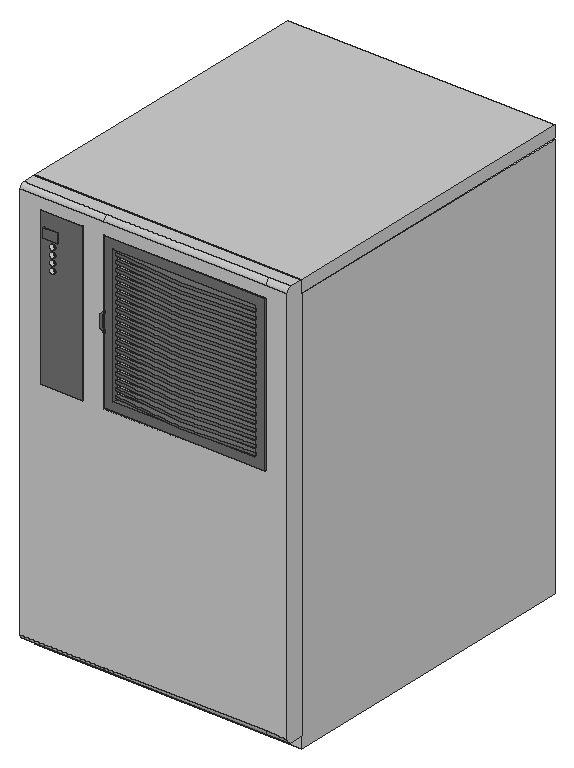
Revit family "QF_HOSHIZAKI_IM-240ANE", category Specialty Equipment, Revit 2016
Family settings
  Part Type = Normal
  Round Connector Dimension = Use Diameter
  OmniClass Number = 23.40.40.14
  OmniClass Title = Food Service Equipment
  Work Plane-Based = No
  Always vertical = Yes
  Cut with Voids When Loaded = No
  Shared = No
  Room Calculation Point = No
Parameters (values of type "IM-240ANE_240V/1Ph/60Hz")
  Weight = 80.00 kg
  Waste Remarks [instance] = ""
  Volts = 240 V
  URL Cutsheet = ""
  URL = "www.hoshizaki-europe.com"
  Status [instance] = ""
  Specification by User [instance] = ""
  Specification by Manufacturer [instance] = ""
  Serial Number = ""
  Seismic Rating = ""
  SMACNA No = ""
  Revision Code [instance] = ""
  Phase = 1
  Number of Poles = 2
  NAFEM Spec ID Number = ""
  Model = "IM-240ANE"
  Min Ckt Ampacity = 0 A
  Max Overcurrent Protection = 0 A
  Masterspec = ""
  Manufacturer = "HOSHIZAKI"
  Length Actual = 560 mm
  Item Number [instance] = ""
  Installed By [instance] = ""
  Indirect Waste Size = 19.05 mm
  Indirect Waste Connection Type [instance] = ""
  Indirect Waste Connection Height [instance] = 40 mm
  Identify Quantity as Lot [instance] = no
  Height Actual = 880 mm
  HP power = ""
  Furnished By [instance] = ""
  Foodservice Equipment Identifier [instance] = yes
  FL Amps = 20 A
  Electric power = 1320 W
  Electric Connection Type [instance] = ""
  Elec Conn RI Height [instance] = 0 mm
  Elec Conn Connection Height [instance] = 770 mm
  Direct Waste RI Height [instance] = 0 mm
  Description = "MODULAR IM ICE MAKER, 240KG PER 24 HOURS, LARGE CUBE"
  Depth Actual = 700 mm
  Cycle = 60 Hz
  Cost = 0
  Conn Plug = ""
  Conn Conduit = no
  Cold Water Temperature Recommended = 0 °C
  Cold Water Size = 19.05 mm
  Cold Water Flow = 0.0 L/s
  Cold Water Connection Height [instance] = 415 mm
  CSI MasterFormat = ""
  Assembly Code = "E1090320"
  Apparent Power = 1320 VA
  Accessory = no
Types (2, lengths in mm): name | Volts | Cycle
  IM-240ANE_240V/1Ph/60Hz | 240 V | 60 Hz
  IM-240ANE_230V/1Ph/50Hz | 230 V | 50 Hz
Reference planes
  plane 1 "Center (Front/Back)": y = 0
  plane 2: z = 0
  plane 3 "Center (Left/Right)": x = 0
Forms (mm)
  Extrusion 1, solid, not visible
    sketch origin (48, -2, 414) x (1, 0, 0) y (0, 1, 0)
      loop
        line (0, 0) -> (2, 0) -> (2, 2) -> (0, 2) -> (0, 0)
    from 0 to 2
  Extrusion 2, solid, not visible
    sketch origin (71, -2, 39) x (1, 0, 0) y (0, 1, 0)
      loop
        line (0, 0) -> (2, 0) -> (2, 2) -> (0, 2) -> (0, 0)
    from 0 to 2
  Extrusion 3, solid, not visible
    sketch origin (31, -17, 769) x (1, 0, 0) y (0, 1, 0)
      loop
        line (0, 0) -> (2, 0) -> (2, 2) -> (0, 2) -> (0, 0)
    from 0 to 2
  Extrusion 4, solid, not visible
    sketch origin (48, -2, 414) x (1, 0, 0) y (0, 1, 0)
      loop
        line (0, 0) -> (2, 0) -> (2, 2) -> (0, 2) -> (0, 0)
    from 0 to 2
  Extrusion 5, solid, not visible
    sketch origin (71, -2, 39) x (1, 0, 0) y (0, 1, 0)
      loop
        line (0, 0) -> (2, 0) -> (2, 2) -> (0, 2) -> (0, 0)
    from 0 to 2
  Extrusion 6, solid, not visible
    sketch origin (31, -17, 769) x (1, 0, 0) y (0, 1, 0)
      loop
        line (0, 0) -> (2, 0) -> (2, 2) -> (0, 2) -> (0, 0)
    from 0 to 2
  Extrusion 7, solid, not visible
    sketch origin (48, -2, 414) x (1, 0, 0) y (0, 1, 0)
      loop
        line (0, 0) -> (2, 0) -> (2, 2) -> (0, 2) -> (0, 0)
    from 0 to 2
  Extrusion 8, solid, not visible
    sketch origin (71, -2, 39) x (1, 0, 0) y (0, 1, 0)
      loop
        line (0, 0) -> (2, 0) -> (2, 2) -> (0, 2) -> (0, 0)
    from 0 to 2
  Extrusion 9, solid, not visible
    sketch origin (31, -17, 769) x (1, 0, 0) y (0, 1, 0)
      loop
        line (0, 0) -> (2, 0) -> (2, 2) -> (0, 2) -> (0, 0)
    from 0 to 2
  Extrusion 10, solid, not visible
    sketch origin (48, -2, 414) x (1, 0, 0) y (0, 1, 0)
      loop
        line (0, 0) -> (2, 0) -> (2, 2) -> (0, 2) -> (0, 0)
    from 0 to 2
  Extrusion 11, solid, not visible
    sketch origin (71, -2, 39) x (1, 0, 0) y (0, 1, 0)
      loop
        line (0, 0) -> (2, 0) -> (2, 2) -> (0, 2) -> (0, 0)
    from 0 to 2
  Extrusion 12, solid, not visible
    sketch origin (31, -17, 769) x (1, 0, 0) y (0, 1, 0)
      loop
        line (0, 0) -> (2, 0) -> (2, 2) -> (0, 2) -> (0, 0)
    from 0 to 2
Dimensions and locks
  aligned and locked: level to plane 2
Nested families
  nested 1: "QF_HOSHIZAKI_IM-240ANE_240V_1Ph_60Hz" at (0, 0, 0), type "IM-240ANE_240V/1Ph/60Hz"
    with Waste Water Discharge Temperature 0 °C, Status "", Specification by User "", Show Clearance yes, Revision Code "", Plumbing Remarks "", Plumbing Connection Type "", Number of Poles 1, Item Number "", Installed By "", Indirect Waste Connection Type "", Indirect Waste Connection Height 40 mm, Identify Quantity as Lot no, Furnished By "", Foodservice Equipment Identifier yes, Electrical Remarks "", Electric Connection Type "", Elec Conn RI Height 0 mm, Elec Conn Connection Height 770 mm, Conn Conduit no, Cold Water RI Height 415 mm, Cold Water Flow 0.0 L/s, Cold Water Consumption "", Cold Water Connection Height 415 mm
Connectors
  piping at (49, 0, 415), diameter 19.05, driven by "Cold Water Size", driven by "Cold Water Flow"
    settings: on Extrusion 1, index 1, connector inside diameter 609.6 mm, connector length 0 mm, flow factor 0, pipe flow 0.0 L/s, pressure drop 0.0 Pa, fitting loss kfactor 0, connector angle 0.00°, fixture units 0, engagement length 0 mm, angle of deflection 0.00°, flow configuration 1, flow direction 1, fitting loss method 0, system type 20, joint type 0, gender type 0, connector reference index -1, connector utility 0, adjustable connector no, is connector primary yes, connector description "Cold Water connection for 'IM-240ANE'"
  piping at (72, 0, 40), diameter 19.05, driven by "Indirect Waste Size"
    settings: on Extrusion 2, index 2, connector inside diameter 609.6 mm, connector length 0 mm, flow factor 0, pipe flow 0.0 L/s, pressure drop 0.0 Pa, fitting loss kfactor 0, connector angle 0.00°, fixture units 0, engagement length 0 mm, angle of deflection 0.00°, flow configuration 1, flow direction 2, fitting loss method 0, system type 16, joint type 0, gender type 0, connector reference index -1, connector utility 0, adjustable connector no, is connector primary no, connector description "Drain connection for 'IM-240ANE'"
  electrical at (32, -15, 770), driven by "Apparent Power", driven by "Number of Poles", driven by "Volts"
    settings: on Extrusion 3, index 3, voltage 240 V, apparent load 0 VA, apparent load phase1 1320 VA, apparent load phase2 0 VA, apparent load phase3 0 VA, power factor 1, load classification "Other", number of poles 2, system type 31, power factor state 1, is connector primary yes, connector utility no, sub classification motor no, connector description "Electric connection for 'IM-240ANE'"
  piping at (49, 0, 415), diameter 19.05, driven by "Cold Water Size", driven by "Cold Water Flow"
    settings: on Extrusion 4, index 4, connector inside diameter 609.6 mm, connector length 0 mm, flow factor 0, pipe flow 0.0 L/s, pressure drop 0.0 Pa, fitting loss kfactor 0, connector angle 0.00°, fixture units 0, engagement length 0 mm, angle of deflection 0.00°, flow configuration 1, flow direction 1, fitting loss method 0, system type 20, joint type 0, gender type 0, connector reference index -1, connector utility 0, adjustable connector no, is connector primary no, connector description "Cold Water connection for 'IM-240ANE'"
  piping at (72, 0, 40), diameter 19.05, driven by "Indirect Waste Size"
    settings: on Extrusion 5, index 5, connector inside diameter 609.6 mm, connector length 0 mm, flow factor 0, pipe flow 0.0 L/s, pressure drop 0.0 Pa, fitting loss kfactor 0, connector angle 0.00°, fixture units 0, engagement length 0 mm, angle of deflection 0.00°, flow configuration 1, flow direction 2, fitting loss method 0, system type 16, joint type 0, gender type 0, connector reference index -1, connector utility 0, adjustable connector no, is connector primary no, connector description "Drain connection for 'IM-240ANE'"
  electrical at (32, -15, 770), driven by "Apparent Power", driven by "Number of Poles", driven by "Volts"
    settings: on Extrusion 6, index 6, voltage 240 V, apparent load 0 VA, apparent load phase1 1320 VA, apparent load phase2 0 VA, apparent load phase3 0 VA, power factor 1, load classification "Other", number of poles 2, system type 31, power factor state 1, is connector primary no, connector utility no, sub classification motor no, connector description "Electric connection for 'IM-240ANE'"
  piping at (49, 0, 415), diameter 19.05, driven by "Cold Water Size", driven by "Cold Water Flow"
    settings: on Extrusion 7, index 7, connector inside diameter 609.6 mm, connector length 0 mm, flow factor 0, pipe flow 0.0 L/s, pressure drop 0.0 Pa, fitting loss kfactor 0, connector angle 0.00°, fixture units 0, engagement length 0 mm, angle of deflection 0.00°, flow configuration 1, flow direction 1, fitting loss method 0, system type 20, joint type 0, gender type 0, connector reference index -1, connector utility 0, adjustable connector no, is connector primary no, connector description "Cold Water connection for 'IM-240ANE'"
  piping at (72, 0, 40), diameter 19.05, driven by "Indirect Waste Size"
    settings: on Extrusion 8, index 8, connector inside diameter 609.6 mm, connector length 0 mm, flow factor 0, pipe flow 0.0 L/s, pressure drop 0.0 Pa, fitting loss kfactor 0, connector angle 0.00°, fixture units 0, engagement length 0 mm, angle of deflection 0.00°, flow configuration 1, flow direction 2, fitting loss method 0, system type 16, joint type 0, gender type 0, connector reference index -1, connector utility 0, adjustable connector no, is connector primary no, connector description "Drain connection for 'IM-240ANE'"
  electrical at (32, -15, 770), driven by "Apparent Power", driven by "Number of Poles", driven by "Volts"
    settings: on Extrusion 9, index 9, voltage 240 V, apparent load 0 VA, apparent load phase1 1320 VA, apparent load phase2 0 VA, apparent load phase3 0 VA, power factor 1, load classification "Other", number of poles 2, system type 31, power factor state 1, is connector primary no, connector utility no, sub classification motor no, connector description "Electric connection for 'IM-240ANE'"
  piping at (49, 0, 415), diameter 19.05, driven by "Cold Water Size", driven by "Cold Water Flow"
    settings: on Extrusion 10, index 10, connector inside diameter 609.6 mm, connector length 0 mm, flow factor 0, pipe flow 0.0 L/s, pressure drop 0.0 Pa, fitting loss kfactor 0, connector angle 0.00°, fixture units 0, engagement length 0 mm, angle of deflection 0.00°, flow configuration 1, flow direction 1, fitting loss method 0, system type 20, joint type 0, gender type 0, connector reference index -1, connector utility 0, adjustable connector no, is connector primary no, connector description "Cold Water connection for 'IM-240ANE'"
  piping at (72, 0, 40), diameter 19.05, driven by "Indirect Waste Size"
    settings: on Extrusion 11, index 11, connector inside diameter 609.6 mm, connector length 0 mm, flow factor 0, pipe flow 0.0 L/s, pressure drop 0.0 Pa, fitting loss kfactor 0, connector angle 0.00°, fixture units 0, engagement length 0 mm, angle of deflection 0.00°, flow configuration 1, flow direction 2, fitting loss method 0, system type 16, joint type 0, gender type 0, connector reference index -1, connector utility 0, adjustable connector no, is connector primary no, connector description "Drain connection for 'IM-240ANE'"
  electrical at (32, -15, 770), driven by "Apparent Power", driven by "Number of Poles", driven by "Volts"
    settings: on Extrusion 12, index 12, voltage 240 V, apparent load 0 VA, apparent load phase1 1320 VA, apparent load phase2 0 VA, apparent load phase3 0 VA, power factor 1, load classification "Other", number of poles 2, system type 31, power factor state 1, is connector primary no, connector utility no, sub classification motor no, connector description "Electric connection for 'IM-240ANE'"
Definition of nested family "QF_HOSHIZAKI_IM-240ANE_240V_1Ph_60Hz"
  Parameters (values of type "IM-240ANE_240V/1Ph/60Hz")
    Weight in Pounds = 176.3696
    Electric power = 1320 W
    Waste Water Discharge Temperature [instance] = 0 °C
    Volts = 230 V
    URL Cutsheet = "www.hoshizaki-europe.com"
    URL = "www.hoshizaki-europe.com"
    Status [instance] = ""
    Specification by User [instance] = ""
    Specification by Manufacturer = ""
    Show Clearance [instance] = yes
    Serial Number = ""
    Seismic Rating = ""
    SMACNA No = ""
    Revision Code [instance] = ""
    Plumbing Remarks [instance] = ""
    Plumbing Connection Type [instance] = ""
    Phase = 1
    Number of Poles [instance] = 1
    NAFEM Spec ID Number = ""
    Model = "IM-240ANE"
    Min Ckt Ampacity = 0 A
    Max Overcurrent Protection = 0 A
    Masterspec = ""
    Manufacturer = "HOSHIZAKI"
    Item Number [instance] = ""
    Installed By [instance] = ""
    Indirect Waste Size = 19.05 mm
    Indirect Waste Flow = 0.0 L/s
    Indirect Waste Connection Type [instance] = ""
    Indirect Waste Connection Height [instance] = 40 mm
    Identify Quantity as Lot [instance] = no
    HP power = "1.770146400000"
    Furnished By [instance] = ""
    Foodservice Equipment Identifier [instance] = yes
    FL Amps = 20 A
    Electrical Remarks [instance] = ""
    Electric Connection Type [instance] = ""
    Elec Conn RI Height [instance] = 0 mm
    Elec Conn Connection Height [instance] = 770 mm
    Description = "MODULAR IM ICE MAKER, 240KG PER 24 HOURS, LARGE CUBE"
    Cycle = 50 Hz
    Conn Plug = ""
    Conn Conduit [instance] = no
    Cold Water Temperature Recommended = 35 °C
    Cold Water Size = 19.05 mm
    Cold Water RI Height [instance] = 415 mm
    Cold Water Minimum Pressure = 70000.0 Pa
    Cold Water Maximum Pressure = 780000.0 Pa
    Cold Water Flow [instance] = 0.0 L/s
    Cold Water Consumption [instance] = ""
    Cold Water Connection Height [instance] = 415 mm
    CSI MasterFormat = ""
    Assembly Code = "E1090320"
    Apparent Power = 1320 VA
  Types (12, lengths in mm): name | Weight in Pounds | Electric power | Phase | Model | Indirect Waste Size | Indirect Waste Connection Height | Identify Quantity as Lot | HP power | Elec Conn Connection Height | Description | Conn Conduit | Cold Water Size | Cold Water RI Height | Cold Water Connection Height | Apparent Power
    (no name) | 0 | 0 W | 0 | "" | 0 | 0 | yes | "" | 0 | "" | yes | 0 | 0 | 0 | 0 VA
    IM-130ANE-HC | 149.9142 | 630 W | 1 | "IM-130ANE-HC" | 19.05 | 40 | no | "0.844842600000" | 770 | "EMERALD CLASS IM HYDROCARBON ICE MAKER, 125KG PER 24 HOURS, LARGE CUBE, MODULAR" | no | 12.7 | 415 | 415 | 630 VA
    IM-130ANE-HC-23 | 149.9142 | 630 W | 1 | "IM-130ANE-HC-23" | 19.05 | 40 | no | "0.844842600000" | 770 | "EMERALD CLASS IM HYDROCARBON ICE MAKER, 125KG PER 24 HOURS, MEDIUM CUBE, MODULAR" | no | 12.7 | 415 | 415 | 630 VA
    IM-240ANE-HC | 171.9604 | 930 W | 1 | "IM-240ANE-HC" | 19.05 | 40 | no | "1.247148600000" | 770 | "EMERALD CLASS IM HYDROCARBON ICE MAKER, 235KG PER 24 HOURS, LARGE CUBE, MODULAR" | no | 19.05 | 415 | 415 | 930 VA
    IM-240ANE-HC-21 | 171.9604 | 930 W | 1 | "IM-240ANE-HC-21" | 19.05 | 40 | no | "1.247148600000" | 770 | "EMERALD CLASS IM HYDROCARBON ICE MAKER, 235KG PER 24 HOURS, EXTRA SMALL CUBE, MODULAR" | no | 19.05 | 415 | 415 | 930 VA
    IM-240ANE-HC-23 | 171.9604 | 930 W | 1 | "IM-240ANE-HC-23" | 19.05 | 40 | no | "1.247148600000" | 770 | "EMERALD CLASS IM HYDROCARBON ICE MAKER, 235KG PER 24 HOURS, MEDIUM CUBE, MODULAR" | no | 19.05 | 415 | 415 | 930 VA
    IM-240ANE-HC-32 | 171.9604 | 930 W | 1 | "IM-240ANE-HC-32" | 19.05 | 40 | no | "1.247148600000" | 770 | "EMERALD CLASS IM HYDROCARBON ICE MAKER, 235KG PER 24 HOURS, EXTRA LARGE CUBE, MODULAR" | no | 19.05 | 415 | 415 | 930 VA
    IM-240ANE_240V/1Ph/60Hz | 176.3696 | 1320 W | 1 | "IM-240ANE" | 19.05 | 40 | no | "1.770146400000" | 770 | "MODULAR IM ICE MAKER, 240KG PER 24 HOURS, LARGE CUBE" | no | 19.05 | 415 | 415 | 1320 VA
    IM-240ANE-21 | 176.3696 | 1320 W | 1 | "IM-240ANE-21" | 19.05 | 40 | no | "1.770146400000" | 770 | "MODULAR IM ICE MAKER, 240KG PER 24 HOURS, EXTRA SMALL CUBE" | no | 19.05 | 415 | 415 | 1320 VA
    IM-240ANE-23 | 176.3696 | 1320 W | 1 | "IM-240ANE-23" | 19.05 | 40 | no | "1.770146400000" | 770 | "MODULAR IM ICE MAKER, 240KG PER 24 HOURS, MEDIUM CUBE" | no | 19.05 | 415 | 415 | 1320 VA
    IM-240AWNE | 176.3696 | 1320 W | 1 | "IM-240AWNE" | 19.05 | 40 | no | "1.770146400000" | 770 | "MODULAR IM ICE MAKER, 240KG PER 24 HOURS, LARGE CUBE, WATER COOLED" | no | 19.05 | 415 | 415 | 1320 VA
    IM-240AWNE-23 | 176.3696 | 1320 W | 1 | "IM-240AWNE-23" | 19.05 | 40 | no | "1.770146400000" | 770 | "MODULAR IM ICE MAKER, 240KG PER 24 HOURS, MEDIUM CUBE, WATER COOLED" | no | 19.05 | 415 | 415 | 1320 VA
  Values of the unnamed type that differ from the named types
    Waste Water Discharge Temperature = -273.15 °C
    Volts = 0 V
    URL Cutsheet = ""
    URL = ""
    Manufacturer = ""
    FL Amps = 0 A
    Cycle = 0 Hz
    Cold Water Temperature Recommended = -273.15 °C
    Cold Water Minimum Pressure = 0.0 Pa
    Cold Water Maximum Pressure = 0.0 Pa
  Reference planes
    plane 1 "Back": y = 0
    plane 2: z = 0
    plane 3 "Left": x = 0
    plane 4 "Right": x = 560
    plane 5 "Front": y = -700
    plane 6 "Top": z = 880
  Forms (mm)
    Extrusion 1, solid
      sketch origin (0, 0, 40) x (0, 1, 0) y (0, 0, 1)
        loop
          line (0, -40) -> (0, 813) -> (-663, 813) -> (-663, -40) -> (0, -40)
      from 0 to 560
    Extrusion 2, solid
      sketch origin (-357.75, -249, 573) x (0, 1, 0) y (0, 0, 1)
        loop
          line (-414, -550) -> (-414, 307) -> (-441, 307)
          arc (-441, 307) -> (-448.071, 304.071) -> (-451, 297) r 10
          line (-451, 297) -> (-451, -540)
          arc (-451, -540) -> (-448.071, -547.071) -> (-441, -550) r 10
          line (-441, -550) -> (-414, -550)
      from 533.75 to 357.75
    Extrusion 3, solid
      sketch origin (0, 0, 185) x (0, 1, 0) y (0, 0, 1)
        loop
          line (-663, 695) -> (-663, 670) -> (0, 670) -> (0, 695) -> (-663, 695)
      from 560 to 0
    Extrusion 4, solid
      sketch origin (-59.168, -700, 607.328) x (1, 0, 0) y (0, 0, 1)
        loop
          line (103.168, 239.672) -> (103.168, -87.328) -> (191.168, -87.328) -> (191.168, 239.672) -> (103.168, 239.672)
      from 0 to 2
    Extrusion 5, solid
      sketch origin (-184.608, -702, 607.328) x (1, 0, 0) y (0, 0, 1)
        loop
          line (235.856, 210.572) -> (235.856, 190.572) -> (265.856, 190.572) -> (265.856, 210.572) -> (235.856, 210.572)
      from 0 to 2
    Extrusion 6, solid
      sketch origin (-177.859, -702, 607.328) x (1, 0, 0) y (0, 0, 1)
        loop
          circle (248.239, 179.635) r 5
        loop
          circle (248.239, 164.635) r 5
        loop
          circle (248.239, 149.635) r 5
        loop
          circle (248.239, 134.635) r 5
      from 0 to 2
    Extrusion 7, solid
      sketch origin (205.924, 29, 647) x (0, 1, 0) y (0, 0, 1)
        loop
          line (-29, 123) -> (16, 123) -> (16, 164.349) -> (0, 192.062) -> (0, 206) -> (-29, 206) -> (-29, 123)
      from -147.876 to -200
    Extrusion 8, solid
      sketch origin (72, 33, 40) x (1, 0, 0) y (0, 0, 1)
        loop
          circle (0, 0) r 14
        loop
          circle (0, 0) r 12
      from 0 to 33
    Extrusion 9, solid
      sketch origin (49, 33, 415) x (1, 0, 0) y (0, 0, 1)
        loop
          circle (0, 0) r 14
        loop
          circle (0, 0) r 12
      from 4 to 33
    Extrusion 10, solid
      sketch origin (516, -249, 573) x (0, 1, 0) y (0, 0, 1)
        loop
          line (-414, -550) -> (-414, 307) -> (-441, 307)
          arc (-441, 307) -> (-448.071, 304.071) -> (-451, 297) r 10
          line (-451, 297) -> (-451, -540)
          arc (-451, -540) -> (-448.071, -547.071) -> (-441, -550) r 10
          line (-441, -550) -> (-414, -550)
      from 0 to 44
    Extrusion 11, solid
      sketch origin (176, -249, 573) x (0, 1, 0) y (0, 0, 1)
        loop
          line (-414, -550) -> (-414, -53) -> (-451, -53) -> (-451, -540)
          arc (-451, -540) -> (-448.071, -547.071) -> (-441, -550) r 10
          line (-441, -550) -> (-414, -550)
        loop
          line (-451, 297) -> (-451, 274) -> (-414, 274) -> (-414, 307) -> (-441, 307)
          arc (-441, 307) -> (-448.071, 304.071) -> (-451, 297) r 10
      from 0 to 340
    Extrusion 12, solid
      sketch origin (60.75, -852, 508) x (1, 0, 0) y (0, 0, 1)
        loop
          line (117.25, 337) -> (117.25, 14) -> (453.25, 14) -> (453.25, 337) -> (117.25, 337)
        loop
          line (135.25, 319) -> (135.25, 32) -> (435.25, 32) -> (435.25, 319) -> (135.25, 319)
      from -150 to -160
    Extrusion 13, solid
      sketch origin (60.75, -249, 650) x (1, 0, 0) y (0, 1, 0)
        loop
          line (135.25, -443) -> (135.25, -448.703)
          arc (135.25, -448.703) -> (285.097, -461.54) -> (435.25, -453) r 1057.927
          line (435.25, -453) -> (435.25, -443) -> (135.25, -443)
      from 0 to 5
    Extrusion 14, solid
      sketch origin (60.75, -249, 665) x (1, 0, 0) y (0, 1, 0)
        loop
          line (135.25, -443) -> (135.25, -448.703)
          arc (135.25, -448.703) -> (285.097, -461.54) -> (435.25, -453) r 1057.927
          line (435.25, -453) -> (435.25, -443) -> (135.25, -443)
      from 0 to 5
    Extrusion 15, solid
      sketch origin (60.75, -249, 680) x (1, 0, 0) y (0, 1, 0)
        loop
          line (135.25, -443) -> (135.25, -448.703)
          arc (135.25, -448.703) -> (285.097, -461.54) -> (435.25, -453) r 1057.927
          line (435.25, -453) -> (435.25, -443) -> (135.25, -443)
      from 0 to 5
    Extrusion 16, solid
      sketch origin (60.75, -249, 695) x (1, 0, 0) y (0, 1, 0)
        loop
          line (135.25, -443) -> (135.25, -448.703)
          arc (135.25, -448.703) -> (285.097, -461.54) -> (435.25, -453) r 1057.927
          line (435.25, -453) -> (435.25, -443) -> (135.25, -443)
      from 0 to 5
    Extrusion 17, solid
      sketch origin (60.75, -249, 710) x (1, 0, 0) y (0, 1, 0)
        loop
          line (135.25, -443) -> (135.25, -448.703)
          arc (135.25, -448.703) -> (285.097, -461.54) -> (435.25, -453) r 1057.927
          line (435.25, -453) -> (435.25, -443) -> (135.25, -443)
      from 0 to 5
    Extrusion 18, solid
      sketch origin (60.75, -249, 725) x (1, 0, 0) y (0, 1, 0)
        loop
          line (135.25, -443) -> (135.25, -448.703)
          arc (135.25, -448.703) -> (285.097, -461.54) -> (435.25, -453) r 1057.927
          line (435.25, -453) -> (435.25, -443) -> (135.25, -443)
      from 0 to 5
    Extrusion 19, solid
      sketch origin (60.75, -249, 740) x (1, 0, 0) y (0, 1, 0)
        loop
          line (135.25, -443) -> (135.25, -448.703)
          arc (135.25, -448.703) -> (285.097, -461.54) -> (435.25, -453) r 1057.927
          line (435.25, -453) -> (435.25, -443) -> (135.25, -443)
      from 0 to 5
    Extrusion 20, solid
      sketch origin (60.75, -249, 755) x (1, 0, 0) y (0, 1, 0)
        loop
          line (135.25, -443) -> (135.25, -448.703)
          arc (135.25, -448.703) -> (285.097, -461.54) -> (435.25, -453) r 1057.927
          line (435.25, -453) -> (435.25, -443) -> (135.25, -443)
      from 0 to 5
    Extrusion 21, solid
      sketch origin (60.75, -249, 770) x (1, 0, 0) y (0, 1, 0)
        loop
          line (135.25, -443) -> (135.25, -448.703)
          arc (135.25, -448.703) -> (285.097, -461.54) -> (435.25, -453) r 1057.927
          line (435.25, -453) -> (435.25, -443) -> (135.25, -443)
      from 0 to 5
    Extrusion 22, solid
      sketch origin (60.75, -249, 785) x (1, 0, 0) y (0, 1, 0)
        loop
          line (135.25, -443) -> (135.25, -448.703)
          arc (135.25, -448.703) -> (285.097, -461.54) -> (435.25, -453) r 1057.927
          line (435.25, -453) -> (435.25, -443) -> (135.25, -443)
      from 0 to 5
    Extrusion 23, solid
      sketch origin (60.75, -249, 800) x (1, 0, 0) y (0, 1, 0)
        loop
          line (135.25, -443) -> (135.25, -448.703)
          arc (135.25, -448.703) -> (285.097, -461.54) -> (435.25, -453) r 1057.927
          line (435.25, -453) -> (435.25, -443) -> (135.25, -443)
      from 0 to 5
    Extrusion 24, solid
      sketch origin (60.75, -249, 815) x (1, 0, 0) y (0, 1, 0)
        loop
          line (135.25, -443) -> (135.25, -448.703)
          arc (135.25, -448.703) -> (285.097, -461.54) -> (435.25, -453) r 1057.927
          line (435.25, -453) -> (435.25, -443) -> (135.25, -443)
      from 0 to 5
    Extrusion 25, solid
      sketch origin (30.75, -900, 451.571) x (1, 0, 0) y (0, 0, 1)
        loop
          line (147.25, 254) -> (138.179, 244.929) -> (138.179, 218.929) -> (147.25, 209.858) -> (147.25, 216.929) -> (143.179, 221) -> (143.179, 242.858) -> (147.25, 246.929) -> (147.25, 254)
      from -198 to -200
    Extrusion 26, solid
      sketch origin (60.75, -249, 590) x (1, 0, 0) y (0, 1, 0)
        loop
          line (135.25, -443) -> (135.25, -448.703)
          arc (135.25, -448.703) -> (285.097, -461.54) -> (435.25, -453) r 1057.927
          line (435.25, -453) -> (435.25, -443) -> (135.25, -443)
      from 0 to 5
    Extrusion 27, solid
      sketch origin (60.75, -249, 605) x (1, 0, 0) y (0, 1, 0)
        loop
          line (135.25, -443) -> (135.25, -448.703)
          arc (135.25, -448.703) -> (285.097, -461.54) -> (435.25, -453) r 1057.927
          line (435.25, -453) -> (435.25, -443) -> (135.25, -443)
      from 0 to 5
    Extrusion 28, solid
      sketch origin (60.75, -249, 620) x (1, 0, 0) y (0, 1, 0)
        loop
          line (135.25, -443) -> (135.25, -448.703)
          arc (135.25, -448.703) -> (285.097, -461.54) -> (435.25, -453) r 1057.927
          line (435.25, -453) -> (435.25, -443) -> (135.25, -443)
      from 0 to 5
    Extrusion 29, solid
      sketch origin (60.75, -249, 635) x (1, 0, 0) y (0, 1, 0)
        loop
          line (135.25, -443) -> (135.25, -448.703)
          arc (135.25, -448.703) -> (285.097, -461.54) -> (435.25, -453) r 1057.927
          line (435.25, -453) -> (435.25, -443) -> (135.25, -443)
      from 0 to 5
    Extrusion 30, solid
      sketch origin (60.75, -249, 545) x (1, 0, 0) y (0, 1, 0)
        loop
          line (135.25, -443) -> (135.25, -448.703)
          arc (135.25, -448.703) -> (285.097, -461.54) -> (435.25, -453) r 1057.927
          line (435.25, -453) -> (435.25, -443) -> (135.25, -443)
      from 0 to 5
    Extrusion 31, solid
      sketch origin (60.75, -249, 560) x (1, 0, 0) y (0, 1, 0)
        loop
          line (135.25, -443) -> (135.25, -448.703)
          arc (135.25, -448.703) -> (285.097, -461.54) -> (435.25, -453) r 1057.927
          line (435.25, -453) -> (435.25, -443) -> (135.25, -443)
      from 0 to 5
    Extrusion 32, solid
      sketch origin (60.75, -249, 575) x (1, 0, 0) y (0, 1, 0)
        loop
          line (135.25, -443) -> (135.25, -448.703)
          arc (135.25, -448.703) -> (285.097, -461.54) -> (435.25, -453) r 1057.927
          line (435.25, -453) -> (435.25, -443) -> (135.25, -443)
      from 0 to 5
  Cuts and joins
    joined: Extrusion 2, Extrusion 10, Extrusion 11
  Lines and regions (mm)
    symbolic lines
      curve 1: line (0, 0, 0) -> (560, 0, 0)
      curve 2: line (0, -700, 0) -> (0, 0, 0)
      curve 3: line (560, -700, 0) -> (0, -700, 0)
      curve 4: line (560, 0, 0) -> (560, -700, 0)
      curve 5: line (5.924, 0, 0) -> (5.924, 45, 0)
      curve 6: line (58.048, 45, 0) -> (58.048, 0, 0)
      curve 7: line (0, -663, 0) -> (560, -663, 0)
      curve 8: line (5.924, 45, 0) -> (58.048, 45, 0)
      curve 9: line (58.048, 33, 0) -> (86, 33, 0)
      curve 10: line (86, 33, 0) -> (86, 0, 0)
  Dimensions and locks
    aligned and locked: level to plane 2
    aligned and locked: Extrusion 4 sketch curve to Extrusion 4 sketch curve
  Connectors
    piping at (72, 33, 40), diameter 19.05, driven by "Indirect Waste Size", driven by "Indirect Waste Flow"
      settings: on Extrusion 8, index 1, connector inside diameter 609.6 mm, connector length 0 mm, flow factor 0, pipe flow 0.0 L/s, pressure drop 0.0 Pa, fitting loss kfactor 0, connector angle 0.00°, fixture units 0, engagement length 0 mm, angle of deflection 0.00°, flow configuration 1, flow direction 2, fitting loss method 0, system type 16, joint type 0, gender type 0, connector reference index -1, connector utility 0, adjustable connector no, is connector primary yes, connector description "Indirect Waste Connection"
    electrical at (31.986, 22.5, 770), driven by "Apparent Power", driven by "Volts", driven by "Number of Poles"
      settings: on Extrusion 7, index 2, voltage 230 V, apparent load 0 VA, apparent load phase1 1320 VA, apparent load phase2 0 VA, apparent load phase3 0 VA, power factor 1, load classification none, number of poles 1, system type 31, power factor state 1, is connector primary yes, connector utility no, sub classification motor no, connector description "Electrical connection"
    piping at (49, 29, 415), diameter 19.05, driven by "Cold Water Size", driven by "Cold Water Flow"
      settings: on Extrusion 9, index 3, connector inside diameter 609.6 mm, connector length 0 mm, flow factor 0, pipe flow 0.0 L/s, pressure drop 0.0 Pa, fitting loss kfactor 0, connector angle 0.00°, fixture units 0, engagement length 0 mm, angle of deflection 0.00°, flow configuration 1, flow direction 1, fitting loss method 0, system type 20, joint type 0, gender type 0, connector reference index -1, connector utility 0, adjustable connector no, is connector primary no, connector description "Cold Water onnection"
